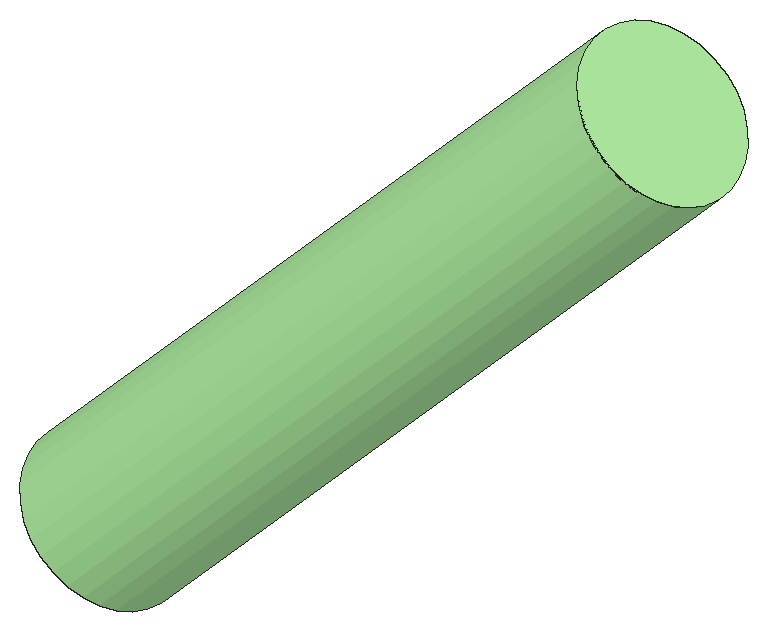
Revit family "ダクトサポート_鋼管（STK）", category Generic Models, Revit 2020
Family settings
  Can host rebar = No
  Round Connector Dimension = Use Diameter
  Part Type = Normal
  Work Plane-Based = Yes
  Always vertical = No
  Cut with Voids When Loaded = No
  Shared = No
  Room Calculation Point = No
Parameters (values of type "STK 101.6mm")
  長辺 [instance] = 長さ  # 500 mm
  長さ [instance] = 500 mm
  部屋名 = ""
  角度 [instance] = 45.00°
  直径 = 101.6 mm
  Default Elevation = 1219.2 mm
  構造マテリアル = E202_ダクトサポート
  半径 = 直径 / 2  # 50.8 mm
Types (29, lengths in mm): name | 直径 | 半径
  STK 101.6mm | 101.6 | 50.8
  STK 1016.0mm | 1016 | 508
  STK 114.3mm | 114.3 | 57.15
  STK 139.8mm | 139.8 | 69.9
  STK 165.2mm | 165.2 | 82.6
  STK 190.7mm | 190.7 | 95.35
  STK 21.7mm | 21.7 | 10.85
  STK 216.3mm | 216.3 | 108.15
  STK 267.4mm | 267.4 | 133.7
  STK 27.2mm | 27.2 | 13.6
  STK 318.5mm | 318.5 | 159.25
  STK 34.0mm | 34 | 17
  STK 355.6mm | 355.6 | 177.8
  STK 406.4mm | 406.4 | 203.2
  STK 42.7mm | 42.7 | 21.35
  STK 457.2mm | 457.2 | 228.6
  STK 48.6mm | 48.6 | 24.3
  STK 500.0mm | 500 | 250
  STK 508.0mm | 508 | 254
  STK 558.8mm | 558.8 | 279.4
  STK 60.5mm | 60.5 | 30.25
  STK 600.0mm | 600 | 300
  STK 609.6mm | 609.6 | 304.8
  STK 700.0mm | 700 | 350
  STK 711.2mm | 711.2 | 355.6
  STK 76.3mm | 76.3 | 38.15
  STK 812.8mm | 812.8 | 406.4
  STK 89.1mm | 89.1 | 44.55
  STK 914.4mm | 914.4 | 457.2
Reference planes
  plane 1 "中心(正面/背面)": y = 0
  plane 2: z = 0
  plane 3 "中心(左/右)": x = 0
Lines and regions (mm)
  reference lines
    curve 1: line (0, 0, 0) -> (848.528, 0, 848.528)
    curve 2: line (35.921, 0, -35.921) -> (-35.921, 0, 35.921)
    curve 3: line (389.474, 0, 317.632) -> (317.632, 0, 389.474)
Dimensions and locks
  equal spacing: curve 2, curve 1, curve 2
  "直径": curve 2 to curve 2
  equal spacing: curve 3, curve 1, curve 3
  "直径": curve 3 to curve 3
  "長さ": curve 3 to curve 2
  "角度": angle level to curve 1
  angle curve 2 to curve 1 = 90.00°
  angle curve 3 to curve 1 = 90.00°
  aligned and locked: level to plane 2
  aligned and locked: level to curve 1
  aligned and locked: plane 3 "中心(左/右)" to curve 1
  aligned and locked: nested 1 to curve 1
Nested families
  nested 1: "グレーチング_鋼管（STK）" at (0, 0, 0) x (0.7071, 0, -0.7071) z (0, -1, 0), 長さ <- "長さ", type "STK 21.7mm"
    with 長辺 500 mm, 長さ 500 mm, 直径 101.6 mm, 半径 50.8 mm
Definition of nested family "グレーチング_鋼管（STK）"
  Parameters (values of type "STK 165.2mm")
    長辺 [instance] = 長さ  # 1000 mm
    長さ [instance] = 1000 mm
    直径 = 165.2 mm
    Default Elevation = 1219.2 mm
    構造マテリアル = none
    半径 = 直径 / 2  # 82.6 mm
  Types (29, lengths in mm): name | 直径 | 半径
    STK 21.7mm | 21.7 | 10.85
    STK 27.2mm | 27.2 | 13.6
    STK 34.0mm | 34 | 17
    STK 42.7mm | 42.7 | 21.35
    STK 48.6mm | 48.6 | 24.3
    STK 60.5mm | 60.5 | 30.25
    STK 76.3mm | 76.3 | 38.15
    STK 89.1mm | 89.1 | 44.55
    STK 101.6mm | 101.6 | 50.8
    STK 114.3mm | 114.3 | 57.15
    STK 139.8mm | 139.8 | 69.9
    STK 165.2mm | 165.2 | 82.6
    STK 190.7mm | 190.7 | 95.35
    STK 216.3mm | 216.3 | 108.15
    STK 267.4mm | 267.4 | 133.7
    STK 318.5mm | 318.5 | 159.25
    STK 355.6mm | 355.6 | 177.8
    STK 406.4mm | 406.4 | 203.2
    STK 457.2mm | 457.2 | 228.6
    STK 500.0mm | 500 | 250
    STK 508.0mm | 508 | 254
    STK 558.8mm | 508 | 254
    STK 600.0mm | 600 | 300
    STK 609.6mm | 609.6 | 304.8
    STK 700.0mm | 700 | 350
    STK 711.2mm | 711.2 | 355.6
    STK 812.8mm | 812.8 | 406.4
    STK 914.4mm | 914.4 | 457.2
    STK 1016.0mm | 1016 | 508
  Reference planes
    plane 1 "中心(正面/背面)": y = 0
    plane 2: z = 0
    plane 3 "中心(左/右)": x = 0
  Forms (mm)
    Extrusion 1, solid, material <- "構造マテリアル"
      sketch origin (0, 0, 0) x (1, 0, 0) y (0, 0, 1)
        loop
          circle (0, 0) r 82.6
      from -1000 to 0
  Lines and regions (mm)
    reference lines
      curve 1: line (82.6, 1000, 0) -> (-82.6, 1000, 0)
      curve 2: line (82.6, 0, 0) -> (-82.6, 0, 0)
  Dimensions and locks
    "長さ": curve 1 to curve 2
    "直径": curve 1 to curve 1
    equal spacing: curve 1, plane 3 "中心(左/右)", curve 1
    "直径": curve 2 to curve 2
    equal spacing: curve 2, plane 3 "中心(左/右)", curve 2
    "半径": radius of Extrusion 1 sketch curve
    aligned and locked: level to plane 2
    aligned and locked: Extrusion 1 to curve 1
    aligned and locked: Extrusion 1 to curve 2
  Automatic sketch dimensions
    Extrusion 1 sketch curve to level = 0 mm
    Extrusion 1 sketch curve to plane 3 "中心(左/右)" = 0 mm
    plane 1 "中心(正面/背面)" to curve 2 = 0 mm
